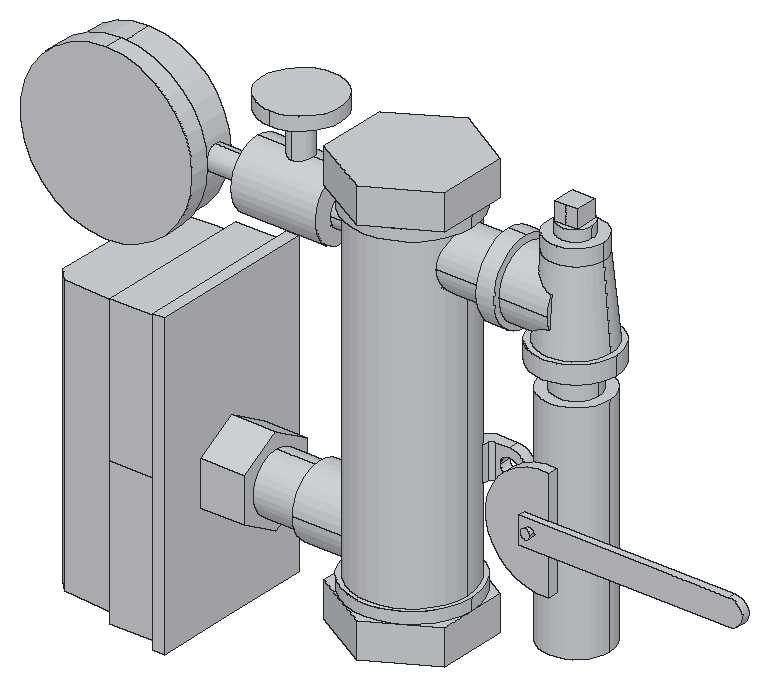
Revit family
Reference planes (in)
  plane 1 "Center (Front/Back)": y = 0
  plane 2: z = 0
  plane 3 "Center (Left/Right)": x = 0
Dimensions and locks (in)
  aligned and locked: plane 2 to level
Nested families (in)
  nested 1: "2FC" at (0, 0, 0), type "RASCO CR COMMERCIAL RISER"
Connectors (in)
  piping at (3.67933, -0.0006, 1.04)
    settings: on nested 1, index 1, connector radius 83/128", flow factor 0, pipe flow 0 GPM, pressure drop 0.00 psi, fitting loss kfactor 0, connector angle 0.00°, fixture units 0, flow configuration 0, flow direction 0, fitting loss method 0, system type 7, connector reference index -1, connector utility 0, adjustable connector no, is connector primary yes, fitting loss table "", connector description ""
  piping at (0, -0.0015, 9.5)
    settings: on nested 1, index 2, connector radius 1 1/2", flow factor 0, pipe flow 0 GPM, pressure drop 0.00 psi, fitting loss kfactor 0, connector angle 0.00°, fixture units 0, flow configuration 0, flow direction 0, fitting loss method 0, system type 7, connector reference index -1, connector utility 0, adjustable connector no, is connector primary no, fitting loss table "", connector description ""
  piping at (0, -0.0015, 0)
    settings: on nested 1, index 3, connector radius 1 1/2", flow factor 0, pipe flow 0 GPM, pressure drop 0.00 psi, fitting loss kfactor 0, connector angle 0.00°, fixture units 0, flow configuration 0, flow direction 0, fitting loss method 0, system type 7, connector reference index -1, connector utility 0, adjustable connector no, is connector primary no, fitting loss table "", connector description ""
  piping at (0, -0.0015, 9.5)
    settings: on nested 1, index 4, connector radius 1 1/2", flow factor 0, pipe flow 0 GPM, pressure drop 0.00 psi, fitting loss kfactor 0, connector angle 0.00°, fixture units 0, flow configuration 0, flow direction 0, fitting loss method 0, system type 7, connector reference index -1, connector utility 0, adjustable connector no, is connector primary no, fitting loss table "", connector description ""
Definition of nested family "2FC"
  Reference planes (in)
    plane 1 "Center (Front/Back)": y = 0
    plane 2: z = 0
    plane 3 "Center (Left/Right)": x = 0
    plane 4 "ref.1": z = 1.04
    plane 5: z = 9.83243
    plane 6 "nipple": z = 6.08
    plane 7 "plug": z = 9.19059
    plane 8: x = 8.45726
  Forms (in)
    Extrusion 1, solid
      sketch origin (0, 0, 0) x (1, 0, 0) y (0, 1, 0)
        loop
          line (-1.345, -0.77804) -> (0, -1.55457) -> (1.345, -0.77804) -> (1.345, 0.77504) -> (0, 1.55157) -> (-1.345, 0.77504) -> (-1.345, -0.77804)
      from 0 to 0.78266
    Extrusion 2, solid
      sketch origin (0, 0, 0) x (1, 0, 0) y (0, 1, 0)
        loop
          circle (0, 0) r 1.345
      from 0.78266 to 1.04
    Extrusion 3, solid
      sketch origin (0, 0, 1.04) x (-1, 0, 0) y (0, -1, 0)
        loop
          circle (0, 0) r 1.24
      from 0 to 7.42
    Extrusion 4, solid
      sketch origin (-0.00001, 0, 8.71734) x (1, 0, 0) y (0, 1, 0)
        loop
          line (-1.34499, -0.77804) -> (0.00001, -1.55457) -> (1.34501, -0.77804) -> (1.34501, 0.77504) -> (0.00001, 1.55157) -> (-1.34499, 0.77504) -> (-1.34499, -0.77804)
      from 0 to 0.78266
    Extrusion 5, solid
      sketch origin (0, 0, 7.67734) x (1, 0, 0) y (0, 1, 0)
        loop
          circle (0, 0) r 1.345
      from 0.78266 to 1.04
    Extrusion 6, solid
      sketch origin (0, 0, 0) x (0, 1, 0) y (0, 0, 1)
        loop
          circle (0, 1.81) r 0.78
      from 0 to -2.05601
    Extrusion 7, void
      sketch origin (0, 0, 1.04) x (-1, 0, 0) y (0, -1, 0)
        loop
          line (0, -0.677) -> (0, -0.83969) -> (0.51275, -0.83969) -> (0.51275, -0.79009)
          arc (0.51275, -0.79009) -> (0.24961, -0.7642) -> (0, -0.677) r 1.11349
      from 0 to 1.55457
    Extrusion 8, void
      sketch origin (0, 0, 1.04) x (-1, 0, 0) y (0, -1, 0)
        loop
          arc (0, 0.68) -> (0.24961, 0.7672) -> (0.51275, 0.79309) r 1.11349
          line (0.51275, 0.79309) -> (0.51275, 0.8427) -> (0, 0.8427) -> (0, 0.68)
      from 0 to 1.55719
    Extrusion 9, solid
      sketch origin (0, 0, 0) x (0, 1, 0) y (0, 0, 1)
        loop
          circle (0, 7.81) r 0.66
      from 0 to 2.32683
    Extrusion 10, solid
      sketch origin (0, 0, 0) x (0, 1, 0) y (0, 0, 1)
        loop
          circle (0, 7.81) r 0.355
      from 0 to -1.64859
    Extrusion 11, solid
      sketch origin (-0.31057, 0, 5.20495) x (-1, 0, 0) y (0, -1, 0)
        loop
          line (0.68, 0) -> (0.39, 0) -> (0.54048, -0.85341)
          arc (0.54048, -0.85341) -> (0.62598, -1.00151) -> (0.78668, -1.06) r 0.25
          line (0.78668, -1.06) -> (1.76437, -1.06) -> (1.76437, -0.81) -> (0.89834, -0.81)
          arc (0.89834, -0.81) -> (0.84049, -0.78894) -> (0.80971, -0.73563) r 0.09
          line (0.80971, -0.73563) -> (0.68, 0)
      from 0.66505 to 1.42505
    Extrusion 12, solid
      sketch origin (0.30443, 0, 2.31856) x (1, 0, 0) y (0, 1, 0)
        loop
          line (0.68, 0) -> (0.80971, 0.73563)
          arc (0.80971, 0.73563) -> (0.84049, 0.78894) -> (0.89834, 0.81) r 0.09
          line (0.89834, 0.81) -> (1.74654, 0.81) -> (1.74654, 1.06) -> (0.78668, 1.06)
          arc (0.78668, 1.06) -> (0.62598, 1.00151) -> (0.54048, 0.85341) r 0.25
          line (0.54048, 0.85341) -> (0.39, 0) -> (0.68, 0)
      from 0.66505 to 1.42505
    Extrusion 13, void
      sketch origin (-0.44524, 0, 0) x (1, 0, 0) y (0, 0, 1)
        loop
          circle (-1.17512, 6.25) r 0.195
      from -1.06 to -0.81
    Extrusion 14, void
      sketch origin (0.43909, 0, 0.11361) x (1, 0, 0) y (0, 0, 1)
        loop
          circle (1.09, 3.25) r 0.195
      from -1.06 to -0.81
    Extrusion 15, void
      sketch origin (-0.44524, 0, 0) x (1, 0, 0) y (0, 0, 1)
        loop
          line (-1.17512, 6.63) -> (-1.17512, 6.71331) -> (-1.75581, 6.71331) -> (-1.75581, 5.80236) -> (-1.17512, 5.80236) -> (-1.17512, 5.87)
          arc (-1.17512, 5.87) -> (-1.55512, 6.25) -> (-1.17512, 6.63) r 0.38
      from -1.06 to -0.81
    Extrusion 16, void
      sketch origin (0.43909, 0, 0.11361) x (1, 0, 0) y (0, 0, 1)
        loop
          line (1.09, 2.87) -> (1.09, 2.83503) -> (1.65386, 2.83503) -> (1.65386, 3.68519) -> (1.09, 3.68519) -> (1.09, 3.63)
          arc (1.09, 3.63) -> (1.47, 3.25) -> (1.09, 2.87) r 0.38
      from -1.06 to -0.81
    Extrusion 17, solid
      sketch origin (0.93317, 0, 6.08) x (-1, 0, 0) y (0, -1, 0)
        loop
          circle (-2.75, 0.00522) r 0.5
      from 0 to 0.55
    Extrusion 18, solid
      sketch origin (0.90365, 0, 9.19061) x (-1, 0, 0) y (0, -1, 0)
        loop
          circle (-2.75, 0) r 0.375
      from 0 to 0.2412
    Extrusion 19, solid
      sketch origin (0.89665, 0, 9.19059) x (-1, 0, 0) y (0, -1, 0)
        loop
          line (-2.753, 0.25) -> (-3.003, 0.25) -> (-3.003, -0.25) -> (-2.503, -0.25) -> (-2.503, 0) -> (-2.503, 0.25) -> (-2.753, 0.25)
      from 0.2412 to 0.64184
  Cuts and joins
    Extrusion 7, Extrusion 8 cuts Extrusion 2
    Extrusion 7, Extrusion 8 cuts Extrusion 4
    Extrusion 7, Extrusion 8 cuts Extrusion 5
    Extrusion 7, Extrusion 8 cuts Extrusion 6
    Extrusion 13, Extrusion 15 cuts Extrusion 11
    Extrusion 14, Extrusion 16 cuts Extrusion 12
  Dimensions and locks (in)
    plane 5 to nested 2 = 0' - 11"
    aligned and locked: plane 2 to level
  Nested families (in)
    nested 1: "Gauge3" at (-5.68392, 0.39285, 1.95357), type "RASCO Gauge"
    nested 2: "Water Flow Detector" at (-5.36, 0, -1.84924), type "Water Flow Detector"
    nested 3: "Test-Drain Valve" at (3.66287, -0.15695, 1.04), type "Test-Drain Valve"
    nested 4: "tee3" at (3.66287, 0, 6.63), type "tee3"
    nested 5: "Globe Valve10" at (-1.345, 0, 7.1707), type "RASCO Globe Valve"
  Definition of nested family "Gauge3"
    Reference planes (in)
      plane 1 "Center (Front/Back)": y = 0
      plane 2: z = 0
      plane 3 "Center (Left/Right)": x = 0
      plane 4: z = 7.47962
      plane 5 "ref.2": y = -0.425
      plane 6 "ref.3": z = 5.65212
      plane 7 "refdt": y = -1.191
    Forms (in)
      Extrusion 1, solid
        sketch origin (6.95412, -1.191, 5.90312) x (0, 0, -1) y (-1, 0, 0)
          loop
            circle (0, 7.47962) r 1.9225
        from 0 to 0.425
      Extrusion 2, solid
        sketch origin (6.95412, -0.766, 5.90312) x (-1, 0, 0) y (0, 0, 1)
          loop
            circle (7.47962, 0) r 1.8275
        from 0 to 0.766
      Extrusion 3, solid
        sketch origin (2.43846, -1.191, 5.90312) x (0, 1, 0) y (0, 0, 1)
          loop
            circle (0.80101, 0) r 0.2725
        from 0 to -1.146
    Lines and regions (in)
      model lines
        curve 1: arc (-0.5255, -1.191, 4.25062) -> (-2.178, -1.191, 5.90312) -> (-0.5255, -1.191, 7.55562) r 1.6525
        curve 2: arc (-0.5255, -1.191, 4.42562) -> (-2.003, -1.191, 5.90312) -> (-0.5255, -1.191, 7.38062) r 1.4775
        curve 3: line (-0.5255, -1.191, 4.25062) -> (-0.5255, -1.191, 4.42562)
        curve 4: line (-0.5255, -1.191, 7.38062) -> (-0.5255, -1.191, 7.55562)
        curve 5: line (-0.32954, -1.191, 5.36925) -> (-1.42319, -1.191, 6.76906)
        curve 6: line (-1.42319, -1.191, 6.76906) -> (-0.17646, -1.191, 5.52233)
        curve 7: line (-0.17646, -1.191, 5.52233) -> (-0.32954, -1.191, 5.36925)
    Dimensions and locks (in)
      aligned and locked: plane 2 to level
  Definition of nested family "Water Flow Detector"
    Reference planes (in)
      plane 1 "Center (Front/Back)": y = 0
      plane 2: z = 0
      plane 3 "Center (Left/Right)": x = 0
    Forms (in)
      Extrusion 1, solid
        sketch origin (3.64489, -0.00807, 3.68167) x (0, 0, -1) y (0, -1, 0)
          loop
            circle (0, 0) r 0.655
        from 0 to 1.32768
      Extrusion 2, solid
        sketch origin (2.31721, -0.00807, 5.11447) x (0, -1, 0) y (0, 0, 1)
          loop
            line (0, -0.43279) -> (-0.86603, -0.93279) -> (-0.86603, -1.93279) -> (0, -2.43279) -> (0.86603, -1.93279) -> (0.86603, -0.93279) -> (0, -0.43279)
        from 0 to 1
      Extrusion 3, solid
        sketch origin (1.31721, -0.00404, 4.28167) x (0, 0, 1) y (0, 1, 0)
          loop
            line (-3.6, 0) -> (-3.6, -1.875) -> (3.15, -1.875) -> (3.15, 1.875) -> (-3.6, 1.875) -> (-3.6, 0)
        from 0 to 0.25
      Extrusion 4, solid
        sketch origin (1.06721, -0.00807, 3.68167) x (0, 0, 1) y (0, 1, 0)
          loop
            line (0.375, -1.765) -> (3.625, -1.765) -> (3.625, 1.765) -> (-2.89, 1.765) -> (-2.89, -1.765) -> (0.375, -1.765)
        from 0 to 1.062
      Extrusion 5, solid
        sketch origin (3.64477, -0.00807, 4.42051) x (-1, 0, 0) y (0, -1, 0)
          loop
            line (3.63968, 0) -> (3.63968, -1.627) -> (4.80895, -1.54524) -> (5.07768, -1.2765) -> (5.07768, 0) -> (5.07768, 1.2765) -> (4.80895, 1.54524) -> (3.63968, 1.627) -> (3.63968, 0)
        from -3.48722 to 2.75684
    Dimensions and locks (in)
      aligned and locked: plane 2 to level
  Definition of nested family "Test-Drain Valve"
    Reference planes (in)
      plane 1 "Center (Front/Back)": y = 0
      plane 2: z = 0
      plane 3 "Center (Left/Right)": x = 0
      plane 4 "ref.2": z = 1.03
    Forms (in)
      Extrusion 1, solid
        sketch origin (0.02197, 0.09564, 3.1625) x (1, 0, 0) y (0, 0, 1)
          loop
            circle (-0.01345, -0.44998) r 0.105
        from 0.56904 to 1.36107
      Extrusion 2, solid
        sketch origin (0.15989, -1.26543, 1.6425) x (0, 0, 1) y (-1, 0, 0)
          loop
            line (1.03, 0.37389) -> (0.74163, 0.37389) -> (0.74163, -4.3395)
            arc (0.74163, -4.3395) -> (1.03663, -4.6345) -> (1.33163, -4.3395) r 0.295
            line (1.33163, -4.3395) -> (1.33163, 0.37389) -> (1.03, 0.37389)
        from -0.26148 to -0.09542
      Extrusion 3, solid
        sketch origin (0, 0, 0) x (1, 0, 0) y (0, 1, 0)
          loop
            circle (0.01646, 0.15636) r 0.75
        from 0 to 5.04
      Extrusion 4, solid
        sketch origin (0.03599, 0.78727, -0.11587) x (1, 0, 0) y (0, 0, 1)
          loop
            line (0.28512, 2.5) -> (0.28512, 4.03519)
            arc (0.28512, 4.03519) -> (-1.12118, 2.795) -> (0.28512, 1.55481) r 1.25
            line (0.28512, 1.55481) -> (0.28512, 2.5)
        from 1.56371 to 1.79121
    Dimensions and locks (in)
      aligned and locked: plane 2 to level
  Definition of nested family "tee3"
    Parameters (values of type "tee3")
      Assembly Code = ""
    Reference planes (in)
      plane 1 "Center (Front/Back)": y = 0
      plane 2: z = 0
      plane 3 "Center (Left/Right)": x = 0
      plane 4 "ref.2": z = 0.4
      plane 5 "re.3": z = 2.00996
      plane 6: x = -1.5
    Forms (in)
      Extrusion 1, solid
        sketch origin (0, 0, 0) x (1, 0, 0) y (0, 1, 0)
          loop
            circle (0, 0) r 0.92
        from 0 to 0.4
      Blend 2, solid
        base sketch origin (0, 0, 0.4) x (-1, 0, 0) y (0, -1, 0)
          loop
            circle (0, 0) r 0.785
        top sketch origin (0, 0, 0.4) x (-1, 0, 0) y (0, -1, 0)
          loop
            circle (0, 0) r 0.6225
        from 0 to 1.80197
      Extrusion 3, solid
        sketch origin (0, 0, 2.00996) x (-1, 0, 0) y (0, -1, 0)
          loop
            circle (0, 0) r 0.6225
        from 0.192 to 0.55064
      Extrusion 4, solid
        sketch origin (0, 0, 0) x (0, 1, 0) y (0, 0, 1)
          loop
            circle (-0.00522, 1.18821) r 0.785
        from 0 to -1.1
      Extrusion 5, solid
        sketch origin (-1.1, 0, 1.19147) x (0, 0, 1) y (0, 1, 0)
          loop
            circle (0, 0) r 0.92
        from 0 to 0.4
    Dimensions and locks (in)
      aligned and locked: plane 2 to level
  Definition of nested family "Globe Valve10"
    Parameters (values of type "RASCO Globe Valve")
      Assembly Code = ""
    Reference planes (in)
      plane 1 "Center (Front/Back)": y = 0
      plane 2: z = 0
      plane 3 "Center (Left/Right)": x = 0
      plane 4 "ref. side": x = -0.5
      plane 5 "ref. side2": x = -1.734
      plane 6 "ref. side 4": x = -2.763
    Forms (in)
      Extrusion 1, solid
        sketch origin (-0.27216, -0.01249, 0.71909) x (0, 0, -1) y (0, -1, 0)
          loop
            circle (0, 0) r 0.75
        from -0.06079 to 1.82121
      Extrusion 2, solid
        sketch origin (-0.27501, -0.00978, 1.2975) x (0, 1, 0) y (-1, 0, 0)
          loop
            circle (0, 0.86289) r 0.265
        from -0.00766 to 1.234
      Extrusion 3, solid
        sketch origin (-0.28892, 0.00562, 2.36212) x (0, 1, 0) y (-1, 0, 0)
          loop
            circle (0, 0.85138) r 0.87523
        from 0 to 0.3
    Dimensions and locks (in)
      aligned and locked: plane 2 to level
